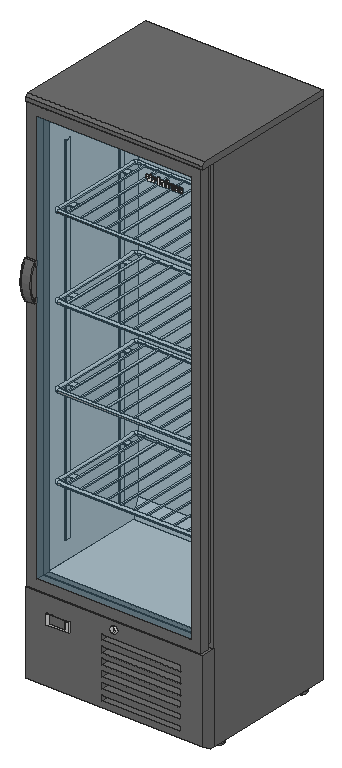
Revit family "QF_INFRICO_ERV53_250807105054", category Specialty Equipment, Revit 2021
Family settings
  Round Connector Dimension = Use Diameter
  Part Type = Normal
  OmniClass Number = 23.40.40.14
  OmniClass Title = Food Service Equipment
  Work Plane-Based = No
  Always vertical = Yes
  Cut with Voids When Loaded = No
  Shared = No
  Room Calculation Point = No
Parameters (values of type "ERV53")
  Weight [instance] = 97.0007 kg
  Warranty Start Date [instance] = ""
  Warranty Duration [instance] = ""
  Volts [instance] = 230 V
  Volt Free Conn [instance] = no
  URL Recommended Spares List [instance] = ""
  URL Manufacturer [instance] = ""
  URL Cutsheet [instance] = ""
  URL Critical Spares List [instance] = ""
  URL = "www.infrico.com"
  Technical Documentation [instance] = ""
  Tag Number [instance] = ""
  Status [instance] = ""
  Start Up Current [instance] = 0 A
  Specification by User [instance] = ""
  Specification by Manufacturer [instance] = ""
  Sound Level [instance] = ""
  Show Logo [instance] = yes
  Show Clearances [instance] = yes
  Service Life Duration [instance] = ""
  Serial Number [instance] = ""
  Seismic Rating [instance] = ""
  SMACNA No [instance] = ""
  Revision Code [instance] = ""
  Revision [instance] = ""
  Production Year [instance] = ""
  Potential Equalisation [instance] = no
  Point Load [instance] = 0
  Phase [instance] = 1
  Other Equipment Approvals [instance] = ""
  Operational Current [instance] = 0 A
  Number of Poles [instance] = 2
  No Load Power Draw [instance] = no
  NAFEM Spec ID Number [instance] = ""
  Model Warning [instance] = ""
  Model = "ERV53"
  Min Ckt Ampacity [instance] = 0 A
  Max Overcurrent Protection [instance] = 0 A
  Masterspec [instance] = ""
  Manufacturer = "INFRICO"
  Main switch integrated [instance] = no
  Length Actual [instance] = 599.948 mm
  Item Number [instance] = ""
  Installed By [instance] = ""
  Installation Date [instance] = ""
  Identify Quantity as Lot [instance] = no
  ID [instance] = ""
  Hygiene Approval [instance] = ""
  Height Actual [instance] = 1819.91 mm
  HP power [instance] = ""
  Furnished By [instance] = ""
  Foodservice Equipment Identifier [instance] = no
  FL Amps [instance] = 0 A
  Electrical Remarks [instance] = ""
  Electric power [instance] = 240 W
  Electric Connection Type [instance] = ""
  Elec Conn RI Height [instance] = 0 mm
  Elec Conn Connection Height [instance] = 0 mm
  ETL Approved [instance] = no
  Description = "GLASS DOOR MERCHANDISER - ONE DOOR - R290"
  Depth Actual [instance] = 510.032 mm
  Default Elevation = 0 mm
  Cycle [instance] = 50 Hz
  Cost = 0
  Connection to energy optimisation system [instance] = yes
  Conn Plug [instance] = ""
  Conn Conduit [instance] = no
  Centralized building control system with digital interface [instance] = ""
  CSI MasterFormat [instance] = ""
  CE Approved [instance] = no
  Barcode [instance] = 0
  Author [instance] = ""
  Asset Identifier [instance] = ""
  Apparent Power [instance] = 240 VA
  Accessory [instance] = no
Reference planes
  plane 1 "Center (Front/Back)": y = 0
  plane 2: z = 0
  plane 3 "Center (Left/Right)": x = 0
Forms (mm)
  Extrusion 1, solid, not visible
    sketch origin (527.026, -4, 285.014) x (1, 0, 0) y (0, 1, 0)
      loop
        line (-2, 2) -> (-2, -2) -> (2, -2) -> (2, 2) -> (-2, 2)
    from -2 to 2
Dimensions and locks
  locked: Extrusion 1 to nested 2
  locked: nested 2 to Extrusion 1 at 2
  aligned and locked: level to plane 2
Nested families
  nested 1: "QF_INFRICO_ERV53_2920" at (0, 0, 0), type "ERV53"
    with Weight 97.0007 kg, Warranty Start Date "", Warranty Duration "", URL Cutsheet "", Technical Documentation "", Tag Number "", Status "", Specification by User "", Specification by Manufacturer "", Sound Level "", Solid Fuel Type "", Show Logo yes, Show Clearances yes, Show Clearance yes, Service Life Duration "", Serial Number "", Seismic Rating "", SMACNA No "", Revision Code "", Revision "", Production Year "", Point Load 0, Other Equipment Approvals "", NAFEM Spec ID Number "", Model Warning "", Masterspec "", Length Actual 599.948 mm, Item Number "", Installed By "", Installation Date "", Identify Quantity as Lot yes, ID "", Hygiene Approval "", Height Actual 1819.91 mm, Furnished By "", Foodservice Equipment Identifier yes, ETL Approved yes, Depth Actual 510.032 mm, CSI MasterFormat "", CE Approved no, Barcode "", Author "", Asset Identifier "", Accessory no
  nested 2: "CONN_POINT_ELE_2D___Generic_Annotation" at (527.026, -2, 285.014), type "CONN_POINT_ELE_2D___Generic_Annotation"
    with Onboard connection annotation symbol visibility yes
Connectors
  electrical at (527.026, -2, 285.014), driven by "Apparent Power", driven by "Number of Poles", driven by "Volts"
    settings: on Extrusion 1, index 1, voltage 230 V, apparent load 0 VA, apparent load phase1 240 VA, apparent load phase2 0 VA, apparent load phase3 0 VA, power factor 1, load classification "Other", number of poles 2, system type 31, power factor state 1, is connector primary yes, connector utility no, sub classification motor no, connector description "Electrical connection for ERV53"
Definition of nested family "QF_INFRICO_ERV53_2920"
  Parameters (values of type "ERV53")
    Weight [instance] = 0.00 kg
    Warranty Start Date [instance] = ""
    Warranty Duration [instance] = ""
    URL Cutsheet [instance] = ""
    URL = "www.infrico.com"
    Technical Documentation [instance] = ""
    Tag Number [instance] = ""
    Status [instance] = ""
    Specification by User [instance] = ""
    Specification by Manufacturer [instance] = ""
    Sound Level [instance] = ""
    Solid Fuel Type [instance] = ""
    Show Logo [instance] = yes
    Show Clearances [instance] = yes
    Show Clearance [instance] = yes
    Service Life Duration [instance] = ""
    Serial Number [instance] = ""
    Seismic Rating [instance] = ""
    SMACNA No [instance] = ""
    Revision Code [instance] = ""
    Revision [instance] = ""
    Production Year [instance] = ""
    Point Load [instance] = 0
    Other Equipment Approvals [instance] = ""
    NAFEM Spec ID Number [instance] = ""
    Model Warning [instance] = ""
    Model = "ERV53"
    Masterspec [instance] = ""
    Manufacturer = "INFRICO"
    Length Actual [instance] = 0 mm
    Item Number [instance] = ""
    Installed By [instance] = ""
    Installation Date [instance] = ""
    Identify Quantity as Lot [instance] = yes
    ID [instance] = ""
    Hygiene Approval [instance] = ""
    Height Actual [instance] = 0 mm
    Furnished By [instance] = ""
    Foodservice Equipment Identifier [instance] = yes
    ETL Approved [instance] = yes
    Description = "GLASS DOOR MERCHANDISER - ONE DOOR - R290"
    Depth Actual [instance] = 0 mm
    Default Elevation = 0 mm
    CSI MasterFormat [instance] = ""
    CE Approved [instance] = yes
    Barcode [instance] = ""
    Author [instance] = ""
    Asset Identifier [instance] = ""
    Assembly Code = "E1090320"
    Accessory [instance] = yes
  Reference planes
    plane 1 "Back": y = 0
    plane 2: z = 0
    plane 3 "Left": x = 0
    plane 4 "Right": x = 600
    plane 5 "Front": y = -510
    plane 6 "Top": z = 1820
  Forms (mm)
    Extrusion 1, solid
      sketch origin (0, 0, -18) x (0, 1, 0) y (0, 0, 1)
        loop
          line (0, 1805) -> (-460, 1805) -> (-460, 30) -> (0, 30) -> (0, 1805)
      from 0 to 30
    Extrusion 2, solid
      sketch origin (0, 0, 887) x (0, 1, 0) y (0, 0, 1)
        loop
          line (0, 900) -> (0, 920) -> (-500, 920) -> (-510, 910) -> (-510, 900) -> (0, 900)
      from 0 to 600
    Extrusion 3, solid
      sketch origin (570, 0, -18) x (0, 1, 0) y (0, 0, 1)
        loop
          line (0, 1805) -> (-460, 1805) -> (-460, 30) -> (0, 30) -> (0, 1805)
      from 0 to 30
    Extrusion 4, solid
      sketch origin (0, 0, 62) x (1, 0, 0) y (0, 0, 1)
        loop
          line (30, 1725) -> (30, 262) -> (570, 262) -> (570, 1725) -> (30, 1725)
      from 0 to 12
    Extrusion 5, solid
      sketch origin (0, 0, -13) x (1, 0, 0) y (0, 0, 1)
        loop
          line (30, 337) -> (30, 25) -> (570, 25) -> (570, 337) -> (30, 337)
      from 0 to 12
    Extrusion 6, solid
      sketch origin (0, 0, -13) x (0, 1, 0) y (0, 0, 1)
        loop
          line (-12, 25) -> (-12, 35) -> (-460, 35) -> (-460, 25) -> (-12, 25)
      from 30 to 570
    Extrusion 7, solid
      sketch origin (0, 0, -112) x (0, 1, 0) y (0, 0, 1)
        loop
          line (-460, 144) -> (-510, 144) -> (-473, 124) -> (-460, 124) -> (-460, 144)
      from 0 to 600
    Extrusion 8, solid
      sketch origin (-902, -515, -301) x (1, 0, 0) y (0, 0, -1)
        loop
          arc (974, -555) -> (1012.5, -557) -> (1051, -555) r 371.563
          arc (1051, -555) -> (1052, -539) -> (1051, -523) r 128.5
          arc (1051, -523) -> (1012.5, -521) -> (974, -523) r 371.563
          arc (974, -523) -> (973, -539) -> (974, -555) r 128.5
      from 0 to 5
    Extrusion 9, solid
      sketch origin (-902, -515.1, -301) x (1, 0, 0) y (0, 0, -1)
        loop
          line (1038, -528.124) -> (987, -528.124) -> (987, -556.124)
          arc (987, -556.124) -> (1012.5, -557) -> (1038, -556.124) r 371.563
          line (1038, -556.124) -> (1038, -528.124)
      from 0 to 2
    Extrusion 10, solid
      sketch origin (0, -480, 215.5) x (1, 0, 0) y (0, 0, 1)
        loop
          line (5, 1569.5) -> (5, 97.5) -> (595, 97.5) -> (595, 1569.5) -> (5, 1569.5)
        loop
          line (563, 1537.5) -> (37, 1537.5) -> (37, 129.5) -> (563, 129.5) -> (563, 1537.5)
      from 0 to 30
    Extrusion 11, solid
      sketch origin (-1000, -460, 215.5) x (1, 0, 0) y (0, 0, 1)
        loop
          line (1015, 1559.5) -> (1015, 107.5) -> (1585, 107.5) -> (1585, 1559.5) -> (1015, 1559.5)
        loop
          line (1037, 1537.5) -> (1037, 129.5) -> (1563, 129.5) -> (1563, 1537.5) -> (1037, 1537.5)
      from 0 to 20
    Extrusion 12, solid, visible <- "Show Logo"
      sketch origin (-753.231, -510, 994.214) x (1, 0, 0) y (0, 0, 1)
        loop
          line (1208.799, 696.53) -> (1208.799, 719.204) -> (1204.173, 719.204) -> (1204.173, 696.53) -> (1208.799, 696.53)
        loop
          line (1214.779, 713.006) -> (1211.283, 713.006) -> (1211.283, 696.53) -> (1215.772, 696.53) -> (1215.772, 707.832)
          arc (1215.772, 707.832) -> (1217.528, 708.741) -> (1219.417, 709.324) r 11.052
          arc (1219.417, 709.324) -> (1220.929, 708.961) -> (1221.598, 707.557) r 1.806
          line (1221.598, 707.557) -> (1221.598, 696.53) -> (1226.121, 696.53) -> (1226.121, 708.689)
          arc (1226.121, 708.689) -> (1224.637, 712.075) -> (1221.141, 713.281) r 4.607
          arc (1221.141, 713.281) -> (1218.282, 712.674) -> (1215.669, 711.361) r 11.435
          line (1215.669, 711.361) -> (1215.601, 712.184)
          arc (1215.601, 712.184) -> (1215.36, 712.765) -> (1214.779, 713.006) r 0.822
        loop
          line (1238.557, 720.102) -> (1237.306, 720.102)
          arc (1237.306, 720.102) -> (1235.052, 719.926) -> (1232.881, 719.297) r 11.103
          arc (1232.881, 719.297) -> (1230.805, 717.616) -> (1230.024, 715.062) r 4.567
          line (1230.024, 715.062) -> (1230.024, 712.909) -> (1227.351, 712.703) -> (1227.351, 709.374) -> (1230.024, 709.374) -> (1230.024, 696.53) -> (1234.547, 696.53) -> (1234.547, 709.374) -> (1238.249, 709.374) -> (1238.249, 712.938) -> (1234.547, 712.938) -> (1234.547, 714.548)
          arc (1234.547, 714.548) -> (1234.956, 715.705) -> (1236.045, 716.271) r 1.67
          line (1236.045, 716.271) -> (1237.7, 716.399)
          arc (1237.7, 716.399) -> (1238.306, 716.65) -> (1238.557, 717.255) r 0.857
          line (1238.557, 717.255) -> (1238.557, 720.102)
        loop
          line (1239.479, 713.006) -> (1239.479, 696.53) -> (1243.968, 696.53) -> (1243.968, 707.352)
          arc (1243.968, 707.352) -> (1245.873, 708.631) -> (1248.077, 709.268) r 7.435
          line (1248.077, 709.268) -> (1249.241, 709.416)
          arc (1249.241, 709.416) -> (1249.643, 709.758) -> (1249.793, 710.265) r 0.928
          line (1249.793, 710.265) -> (1249.793, 712.458)
          arc (1249.793, 712.458) -> (1249.531, 713.061) -> (1248.912, 713.28) r 0.824
          arc (1248.912, 713.28) -> (1246.197, 712.588) -> (1243.899, 710.984) r 7.833
          line (1243.899, 710.984) -> (1243.726, 713.006) -> (1239.479, 713.006)
        loop
          line (1255.495, 696.53) -> (1255.495, 713.006) -> (1251.006, 713.006) -> (1251.006, 696.53) -> (1255.495, 696.53)
        loop
          arc (1257.421, 701.327) -> (1258.567, 698.188) -> (1261.466, 696.525) r 4.873
          arc (1261.466, 696.525) -> (1264.493, 696.266) -> (1267.521, 696.525) r 17.816
          arc (1267.521, 696.525) -> (1270.575, 699.134) -> (1271.505, 703.041) r 6.481
          line (1271.505, 703.041) -> (1267.187, 703.041) -> (1267.187, 701.67)
          arc (1267.187, 701.67) -> (1266.64, 700.452) -> (1265.442, 699.865) r 1.965
          arc (1265.442, 699.865) -> (1264.547, 699.816) -> (1263.653, 699.865) r 8.196
          arc (1263.653, 699.865) -> (1262.417, 700.415) -> (1261.91, 701.67) r 1.806
          line (1261.91, 701.67) -> (1261.91, 707.9)
          arc (1261.91, 707.9) -> (1262.417, 709.155) -> (1263.653, 709.705) r 1.806
          arc (1263.653, 709.705) -> (1264.547, 709.754) -> (1265.442, 709.705) r 8.196
          arc (1265.442, 709.705) -> (1266.64, 709.118) -> (1267.187, 707.9) r 1.965
          line (1267.187, 707.9) -> (1267.187, 706.838) -> (1271.505, 706.838)
          arc (1271.505, 706.838) -> (1270.524, 710.556) -> (1267.521, 712.959) r 6.132
          arc (1267.521, 712.959) -> (1264.493, 713.294) -> (1261.466, 712.959) r 13.851
          arc (1261.466, 712.959) -> (1258.571, 711.349) -> (1257.421, 708.243) r 4.772
          line (1257.421, 708.243) -> (1257.421, 701.327)
        loop
          arc (1272.916, 701.329) -> (1273.993, 698.345) -> (1276.726, 696.734) r 4.676
          arc (1276.726, 696.734) -> (1278.515, 696.455) -> (1280.318, 696.291) r 28.371
          arc (1280.318, 696.291) -> (1282.122, 696.455) -> (1283.911, 696.734) r 28.371
          arc (1283.911, 696.734) -> (1286.644, 698.345) -> (1287.72, 701.329) r 4.676
          line (1287.72, 701.329) -> (1287.72, 708.242)
          arc (1287.72, 708.242) -> (1286.644, 711.226) -> (1283.911, 712.837) r 4.676
          arc (1283.911, 712.837) -> (1282.122, 713.116) -> (1280.318, 713.28) r 28.371
          arc (1280.318, 713.28) -> (1278.515, 713.116) -> (1276.726, 712.837) r 28.371
          arc (1276.726, 712.837) -> (1273.993, 711.226) -> (1272.916, 708.242) r 4.676
          line (1272.916, 708.242) -> (1272.916, 701.329)
        loop
          line (1277.405, 707.866) -> (1277.405, 701.705)
          arc (1277.405, 701.705) -> (1277.844, 700.556) -> (1278.936, 699.991) r 1.725
          arc (1278.936, 699.991) -> (1279.627, 699.918) -> (1280.318, 699.856) r 46.133
          arc (1280.318, 699.856) -> (1281.01, 699.918) -> (1281.701, 699.991) r 46.133
          arc (1281.701, 699.991) -> (1282.793, 700.556) -> (1283.231, 701.705) r 1.725
          line (1283.231, 701.705) -> (1283.231, 707.866)
          arc (1283.231, 707.866) -> (1282.793, 709.015) -> (1281.701, 709.58) r 1.725
          arc (1281.701, 709.58) -> (1281.01, 709.653) -> (1280.318, 709.716) r 46.133
          arc (1280.318, 709.716) -> (1279.627, 709.653) -> (1278.936, 709.58) r 46.133
          arc (1278.936, 709.58) -> (1277.844, 709.015) -> (1277.405, 707.866) r 1.725
        loop
          arc (1190.339, 696.543) -> (1191.411, 696.987) -> (1191.856, 698.059) r 1.516
          line (1191.856, 698.059) -> (1191.856, 703.891) -> (1196.035, 703.891)
          arc (1196.035, 703.891) -> (1196.79, 704.121) -> (1197.218, 704.782) r 1.147
          line (1197.218, 704.782) -> (1197.218, 706.211)
          arc (1197.218, 706.211) -> (1196.787, 707.258) -> (1195.719, 707.634) r 1.385
          line (1195.719, 707.634) -> (1194.52, 707.634) -> (1197.218, 710.332)
          arc (1197.218, 710.332) -> (1197.605, 711.266) -> (1197.218, 712.2) r 1.321
          line (1197.218, 712.2) -> (1196.495, 712.923)
          arc (1196.495, 712.923) -> (1195.54, 713.338) -> (1194.558, 712.991) r 1.422
          line (1194.558, 712.991) -> (1191.853, 710.286) -> (1191.853, 711.479)
          arc (1191.853, 711.479) -> (1191.443, 712.516) -> (1190.435, 712.992) r 1.516
          line (1190.435, 712.992) -> (1189.514, 712.992)
          arc (1189.514, 712.992) -> (1188.511, 712.514) -> (1188.103, 711.479) r 1.516
          line (1188.103, 711.479) -> (1188.103, 706.83) -> (1182.073, 701.336) -> (1182.073, 707.509) -> (1185.639, 711.075)
          arc (1185.639, 711.075) -> (1186.053, 712.073) -> (1185.639, 713.071) r 1.412
          line (1185.639, 713.071) -> (1184.987, 713.723)
          arc (1184.987, 713.723) -> (1183.939, 714.141) -> (1182.915, 713.667) r 1.428
          line (1182.915, 713.667) -> (1182.073, 712.825) -> (1182.073, 717.784)
          arc (1182.073, 717.784) -> (1181.658, 718.787) -> (1180.655, 719.203) r 1.418
          line (1180.655, 719.203) -> (1179.726, 719.203)
          arc (1179.726, 719.203) -> (1178.723, 718.787) -> (1178.308, 717.784) r 1.418
          line (1178.308, 717.784) -> (1178.308, 712.825) -> (1177.466, 713.667)
          arc (1177.466, 713.667) -> (1176.442, 714.141) -> (1175.394, 713.723) r 1.428
          line (1175.394, 713.723) -> (1174.742, 713.071)
          arc (1174.742, 713.071) -> (1174.328, 712.073) -> (1174.742, 711.075) r 1.412
          line (1174.742, 711.075) -> (1178.308, 707.509) -> (1178.308, 701.336) -> (1172.278, 706.83) -> (1172.278, 711.479)
          arc (1172.278, 711.479) -> (1171.87, 712.514) -> (1170.867, 712.992) r 1.516
          line (1170.867, 712.992) -> (1169.946, 712.992)
          arc (1169.946, 712.992) -> (1168.938, 712.516) -> (1168.528, 711.479) r 1.516
          line (1168.528, 711.479) -> (1168.528, 710.286) -> (1165.823, 712.991)
          arc (1165.823, 712.991) -> (1164.841, 713.338) -> (1163.886, 712.923) r 1.422
          line (1163.886, 712.923) -> (1163.163, 712.2)
          arc (1163.163, 712.2) -> (1162.776, 711.266) -> (1163.163, 710.332) r 1.321
          line (1163.163, 710.332) -> (1165.861, 707.634) -> (1164.662, 707.634)
          arc (1164.662, 707.634) -> (1163.594, 707.258) -> (1163.163, 706.211) r 1.385
          line (1163.163, 706.211) -> (1163.163, 704.782)
          arc (1163.163, 704.782) -> (1163.591, 704.121) -> (1164.346, 703.891) r 1.147
          line (1164.346, 703.891) -> (1168.525, 703.891) -> (1168.525, 698.059)
          arc (1168.525, 698.059) -> (1168.969, 696.987) -> (1170.042, 696.543) r 1.516
          line (1170.042, 696.543) -> (1190.339, 696.543)
      from 0 to 2
    Extrusion 13, solid
      sketch origin (-1000, -510, 416.5) x (1, 0, 0) y (0, 0, 1)
        loop
          line (1005, 897.5) -> (1005, 895.5) -> (1037, 880.5) -> (1037, 897.5) -> (1005, 897.5)
      from 0 to 3
    Extrusion 14, solid
      sketch origin (-1000, -510, 2081.5) x (1, 0, 0) y (0, 0, 1)
        loop
          line (1005, -897.5) -> (1037, -897.5) -> (1037, -880.5) -> (1005, -895.5) -> (1005, -897.5)
      from 0 to 3
    Extrusion 15, solid
      sketch origin (-1000, 0, 466.5) x (0, 1, 0) y (0, 0, 1)
        loop
          line (-513, 845.5) -> (-513, 847.5) -> (-518.104, 847.5)
          arc (-518.104, 847.5) -> (-537.038, 782.5) -> (-518.104, 717.5) r 121.038
          line (-518.104, 717.5) -> (-513, 717.5) -> (-513, 719.5) -> (-517, 719.5)
          arc (-517, 719.5) -> (-535.038, 782.5) -> (-517, 845.5) r 119.038
          line (-517, 845.5) -> (-513, 845.5)
      from 1005 to 1037
    Extrusion 16, solid
      sketch origin (-1000, 0, 1064) x (1, 0, 0) y (0, 1, 0)
        loop
          line (1005, -513) -> (1005, -487) -> (1002, -490) -> (1002, -513) -> (1005, -513)
      from 120 to 250
    Extrusion 17, solid
      sketch origin (-1000, 0, 466.5) x (0, 1, 0) y (0, 0, 1)
        loop
          line (-513, 847.5) -> (-518.104, 847.5)
          arc (-518.104, 847.5) -> (-537.038, 782.5) -> (-518.104, 717.5) r 121.038
          line (-518.104, 717.5) -> (-513, 717.5) -> (-513, 847.5)
      from 1002 to 1005
    Revolve 18, solid
      sketch origin (15, -70, 0) x (0, 1, 0) y (0, 0, 1)
        loop
          line (0, 0) -> (0, 12) -> (-5, 12) -> (-5, 9.5) -> (-13, 9.5)
          arc (-13, 9.5) -> (-14.414, 8.914) -> (-15, 7.5) r 2
          line (-15, 7.5) -> (-15, 2.5) -> (-12, 2.5) -> (-12, 0) -> (0, 0)
        axis (0, 0) -> (0, 12)
      angle from 0 to 360
    Revolve 19, solid
      sketch origin (15, -420, 0) x (0, 1, 0) y (0, 0, 1)
        loop
          line (0, 0) -> (0, 12) -> (-5, 12) -> (-5, 9.5) -> (-13, 9.5)
          arc (-13, 9.5) -> (-14.414, 8.914) -> (-15, 7.5) r 2
          line (-15, 7.5) -> (-15, 2.5) -> (-12, 2.5) -> (-12, 0) -> (0, 0)
        axis (0, 0) -> (0, 12)
      angle from 0 to 360
    Revolve 20, solid
      sketch origin (585, -70, 0) x (0, 1, 0) y (0, 0, 1)
        loop
          line (0, 0) -> (0, 12) -> (-5, 12) -> (-5, 9.5) -> (-13, 9.5)
          arc (-13, 9.5) -> (-14.414, 8.914) -> (-15, 7.5) r 2
          line (-15, 7.5) -> (-15, 2.5) -> (-12, 2.5) -> (-12, 0) -> (0, 0)
        axis (0, 0) -> (0, 12)
      angle from 0 to 360
    Revolve 21, solid
      sketch origin (585, -420, 0) x (0, 1, 0) y (0, 0, 1)
        loop
          line (0, 0) -> (0, 12) -> (-5, 12) -> (-5, 9.5) -> (-13, 9.5)
          arc (-13, 9.5) -> (-14.414, 8.914) -> (-15, 7.5) r 2
          line (-15, 7.5) -> (-15, 2.5) -> (-12, 2.5) -> (-12, 0) -> (0, 0)
        axis (0, 0) -> (0, 12)
      angle from 0 to 360
    Revolve 22, solid
      sketch origin (300, 0, 240.5) x (0, 1, 0) y (0, 0, 1)
        loop
          line (-515, 34.5) -> (-510, 32) -> (-510, 43.5) -> (-515, 43.5) -> (-515, 34.5)
        axis (-510, 43.5) -> (-515, 43.5)
      angle from 0 to 360
    Extrusion 23, solid
      sketch origin (0, 0, -815) x (0, 1, 0) y (0, 0, 1)
        loop
          line (-460, 1157.5) -> (-460, 1145.5) -> (-81, 1145.5) -> (-81, 1174.667) -> (-61, 1214.667) -> (-61, 2394.333) -> (-81, 2434.333) -> (-81, 2593.5) -> (-458, 2593.5) -> (-458, 2581.5) -> (-93, 2581.5) -> (-93, 2431.5) -> (-73, 2391.5) -> (-73, 1217.5) -> (-93, 1177.5) -> (-93, 1157.5) -> (-460, 1157.5)
      from 30 to 570
    Extrusion 24, solid, visible <- "Show Clearance", detail levels coarse
      sketch origin (600, 0, 228.5) x (-1, 0, 0) y (0, -1, 0)
        loop
          line (5, 510) -> (595, 510)
          arc (595, 510) -> (430.98, 905.98) -> (35, 1070) r 560
          line (35, 1070) -> (5, 1070) -> (5, 510)
      from 84.5 to 1556.5
    Extrusion 25, solid
      sketch origin (-1000, -508, 228.5) x (1, 0, 0) y (0, 0, 1)
        loop
          line (1037, 1524.5) -> (1037, 116.5) -> (1563, 116.5) -> (1563, 1524.5) -> (1037, 1524.5)
      from 0 to 2
    Extrusion 26, solid
      sketch origin (-925.627, -156, 407.5) x (1, 0, 0) y (0, 1, 0)
        loop
          line (957.627, 0) -> (958.627, 0) -> (958.627, 1) -> (962.627, 3) -> (962.627, 18) -> (958.627, 20) -> (958.627, 21) -> (957.627, 21) -> (957.627, 19.382) -> (961.627, 17.382) -> (961.627, 3.618) -> (957.627, 1.618) -> (957.627, 0)
      from 0 to 1218
    Extrusion 27, solid
      sketch origin (-829.627, -156, 603.5) x (1, 0, 0) y (0, 1, 0)
        loop
          line (862.627, 21) -> (862.627, 20) -> (866.627, 18) -> (866.627, 3) -> (862.627, 1) -> (862.627, 0) -> (892.627, 0) -> (892.627, 21) -> (862.627, 21)
      from 0 to 2
    Extrusion 28, solid
      sketch origin (-925.627, -386, 407.5) x (1, 0, 0) y (0, 1, 0)
        loop
          line (957.627, 0) -> (958.627, 0) -> (958.627, 1) -> (962.627, 3) -> (962.627, 18) -> (958.627, 20) -> (958.627, 21) -> (957.627, 21) -> (957.627, 19.382) -> (961.627, 17.382) -> (961.627, 3.618) -> (957.627, 1.618) -> (957.627, 0)
      from 0 to 1218
    Extrusion 29, solid
      sketch origin (-829.627, -386, 603.5) x (1, 0, 0) y (0, 1, 0)
        loop
          line (862.627, 21) -> (862.627, 20) -> (866.627, 18) -> (866.627, 3) -> (862.627, 1) -> (862.627, 0) -> (892.627, 0) -> (892.627, 21) -> (862.627, 21)
      from 0 to 2
    Extrusion 30, solid
      sketch origin (1525.627, -156, 407.5) x (-1, 0, 0) y (0, -1, 0)
        loop
          line (957.627, 0) -> (957.627, -1.618) -> (961.627, -3.618) -> (961.627, -17.382) -> (957.627, -19.382) -> (957.627, -21) -> (958.627, -21) -> (958.627, -20) -> (962.627, -18) -> (962.627, -3) -> (958.627, -1) -> (958.627, 0) -> (957.627, 0)
      from 0 to 1218
    Extrusion 31, solid
      sketch origin (1429.627, -156, 603.5) x (-1, 0, 0) y (0, -1, 0)
        loop
          line (862.627, -21) -> (892.627, -21) -> (892.627, 0) -> (862.627, 0) -> (862.627, -1) -> (866.627, -3) -> (866.627, -18) -> (862.627, -20) -> (862.627, -21)
      from 0 to 2
    Extrusion 32, solid
      sketch origin (1525.627, -386, 407.5) x (-1, 0, 0) y (0, -1, 0)
        loop
          line (957.627, 0) -> (957.627, -1.618) -> (961.627, -3.618) -> (961.627, -17.382) -> (957.627, -19.382) -> (957.627, -21) -> (958.627, -21) -> (958.627, -20) -> (962.627, -18) -> (962.627, -3) -> (958.627, -1) -> (958.627, 0) -> (957.627, 0)
      from 0 to 1218
    Extrusion 33, solid
      sketch origin (1429.627, -386, 603.5) x (-1, 0, 0) y (0, -1, 0)
        loop
          line (862.627, -21) -> (892.627, -21) -> (892.627, 0) -> (862.627, 0) -> (862.627, -1) -> (866.627, -3) -> (866.627, -18) -> (862.627, -20) -> (862.627, -21)
      from 0 to 2
    Extrusion 34, solid
      sketch origin (0, 0, 226) x (0, 1, 0) y (0, 0, 1)
        loop
          line (-460, 104.5) -> (-460, 82) -> (-458, 82) -> (-458, 104.5) -> (-460, 104.5)
      from 30 to 570
    Extrusion 35, solid
      sketch origin (0, 0, 1682.5) x (0, 1, 0) y (0, 0, 1)
        loop
          line (-460, 104.5) -> (-460, 70.5) -> (-458, 70.5) -> (-458, 104.5) -> (-460, 104.5)
      from 30 to 570
    Extrusion 36, solid
      sketch origin (-829.627, -156, 883.5) x (1, 0, 0) y (0, 1, 0)
        loop
          line (862.627, 21) -> (862.627, 20) -> (866.627, 18) -> (866.627, 3) -> (862.627, 1) -> (862.627, 0) -> (892.627, 0) -> (892.627, 21) -> (862.627, 21)
      from 0 to 2
    Extrusion 37, solid
      sketch origin (-829.627, -386, 883.5) x (1, 0, 0) y (0, 1, 0)
        loop
          line (862.627, 21) -> (862.627, 20) -> (866.627, 18) -> (866.627, 3) -> (862.627, 1) -> (862.627, 0) -> (892.627, 0) -> (892.627, 21) -> (862.627, 21)
      from 0 to 2
    Extrusion 38, solid
      sketch origin (1429.627, -156, 883.5) x (-1, 0, 0) y (0, -1, 0)
        loop
          line (862.627, -21) -> (892.627, -21) -> (892.627, 0) -> (862.627, 0) -> (862.627, -1) -> (866.627, -3) -> (866.627, -18) -> (862.627, -20) -> (862.627, -21)
      from 0 to 2
    Extrusion 39, solid
      sketch origin (1429.627, -386, 883.5) x (-1, 0, 0) y (0, -1, 0)
        loop
          line (862.627, -21) -> (892.627, -21) -> (892.627, 0) -> (862.627, 0) -> (862.627, -1) -> (866.627, -3) -> (866.627, -18) -> (862.627, -20) -> (862.627, -21)
      from 0 to 2
    Extrusion 40, solid
      sketch origin (-829.627, -156, 1153.5) x (1, 0, 0) y (0, 1, 0)
        loop
          line (862.627, 21) -> (862.627, 20) -> (866.627, 18) -> (866.627, 3) -> (862.627, 1) -> (862.627, 0) -> (892.627, 0) -> (892.627, 21) -> (862.627, 21)
      from 0 to 2
    Extrusion 41, solid
      sketch origin (-829.627, -386, 1153.5) x (1, 0, 0) y (0, 1, 0)
        loop
          line (862.627, 21) -> (862.627, 20) -> (866.627, 18) -> (866.627, 3) -> (862.627, 1) -> (862.627, 0) -> (892.627, 0) -> (892.627, 21) -> (862.627, 21)
      from 0 to 2
    Extrusion 42, solid
      sketch origin (1429.627, -156, 1153.5) x (-1, 0, 0) y (0, -1, 0)
        loop
          line (862.627, -21) -> (892.627, -21) -> (892.627, 0) -> (862.627, 0) -> (862.627, -1) -> (866.627, -3) -> (866.627, -18) -> (862.627, -20) -> (862.627, -21)
      from 0 to 2
    Extrusion 43, solid
      sketch origin (1429.627, -386, 1153.5) x (-1, 0, 0) y (0, -1, 0)
        loop
          line (862.627, -21) -> (892.627, -21) -> (892.627, 0) -> (862.627, 0) -> (862.627, -1) -> (866.627, -3) -> (866.627, -18) -> (862.627, -20) -> (862.627, -21)
      from 0 to 2
    Extrusion 44, solid
      sketch origin (-829.627, -156, 1428.5) x (1, 0, 0) y (0, 1, 0)
        loop
          line (862.627, 21) -> (862.627, 20) -> (866.627, 18) -> (866.627, 3) -> (862.627, 1) -> (862.627, 0) -> (892.627, 0) -> (892.627, 21) -> (862.627, 21)
      from 0 to 2
    Extrusion 45, solid
      sketch origin (-829.627, -386, 1428.5) x (1, 0, 0) y (0, 1, 0)
        loop
          line (862.627, 21) -> (862.627, 20) -> (866.627, 18) -> (866.627, 3) -> (862.627, 1) -> (862.627, 0) -> (892.627, 0) -> (892.627, 21) -> (862.627, 21)
      from 0 to 2
    Extrusion 46, solid
      sketch origin (1429.627, -156, 1428.5) x (-1, 0, 0) y (0, -1, 0)
        loop
          line (862.627, -21) -> (892.627, -21) -> (892.627, 0) -> (862.627, 0) -> (862.627, -1) -> (866.627, -3) -> (866.627, -18) -> (862.627, -20) -> (862.627, -21)
      from 0 to 2
    Extrusion 47, solid
      sketch origin (1429.627, -386, 1428.5) x (-1, 0, 0) y (0, -1, 0)
        loop
          line (862.627, -21) -> (892.627, -21) -> (892.627, 0) -> (862.627, 0) -> (862.627, -1) -> (866.627, -3) -> (866.627, -18) -> (862.627, -20) -> (862.627, -21)
      from 0 to 2
    Extrusion 48, solid
      sketch origin (-1000, 0, 0) x (1, 0, 0) y (0, 0, 1)
        loop
          line (1000, 308) -> (1000, 32) -> (1600, 32) -> (1600, 308) -> (1000, 308)
        loop
          line (1258, 257) -> (1258, 237) -> (1528, 237) -> (1528, 257) -> (1258, 257)
        loop
          line (1258, 220) -> (1258, 200) -> (1528, 200) -> (1528, 220) -> (1258, 220)
        loop
          line (1258, 183) -> (1258, 163) -> (1528, 163) -> (1528, 183) -> (1258, 183)
        loop
          line (1258, 146) -> (1258, 126) -> (1528, 126) -> (1528, 146) -> (1258, 146)
        loop
          line (1258, 109) -> (1258, 89) -> (1528, 89) -> (1528, 109) -> (1258, 109)
        loop
          line (1258, 72) -> (1258, 52) -> (1528, 52) -> (1528, 72) -> (1258, 72)
      from 460 to 510
    Extrusion 49, solid
      sketch origin (-1000, 0, 2.5) x (1, 0, 0) y (0, 0, 1)
        loop
          circle (1345, 1433) r 2.5
        loop
          circle (1390, 1433) r 2.5
        loop
          circle (1435, 1433) r 2.5
        loop
          circle (1480, 1433) r 2.5
        loop
          circle (1525, 1433) r 2.5
        loop
          circle (1075, 1433) r 2.5
        loop
          circle (1120, 1433) r 2.5
        loop
          circle (1165, 1433) r 2.5
        loop
          circle (1210, 1433) r 2.5
        loop
          circle (1255, 1433) r 2.5
        loop
          circle (1300, 1433) r 2.5
      from 100 to 430
    Sweep 50, solid
      path origin (-1000, 0, 1435.5) x (1, 0, 0) y (0, 1, 0)
        loop
          arc (1052, -95) -> (1044.929, -97.929) -> (1042, -105) r 10
          line (1042, -105) -> (1042, -425)
          arc (1042, -425) -> (1044.929, -432.071) -> (1052, -435) r 10
          line (1052, -435) -> (1548, -435)
          arc (1548, -435) -> (1555.071, -432.071) -> (1558, -425) r 10
          line (1558, -425) -> (1558, -105)
          arc (1558, -105) -> (1555.071, -97.929) -> (1548, -95) r 10
          line (1548, -95) -> (1052, -95)
      profile origin (300, -95, 1435.5) x (0, 1, 0) y (0, 0, 1)
        loop
          circle (0, 0) r 5
    Extrusion 51, solid
      sketch origin (-1000, 0, -272.5) x (1, 0, 0) y (0, 0, 1)
        loop
          circle (1345, 1433) r 2.5
        loop
          circle (1390, 1433) r 2.5
        loop
          circle (1435, 1433) r 2.5
        loop
          circle (1480, 1433) r 2.5
        loop
          circle (1525, 1433) r 2.5
        loop
          circle (1075, 1433) r 2.5
        loop
          circle (1120, 1433) r 2.5
        loop
          circle (1165, 1433) r 2.5
        loop
          circle (1210, 1433) r 2.5
        loop
          circle (1255, 1433) r 2.5
        loop
          circle (1300, 1433) r 2.5
      from 100 to 430
    Sweep 52, solid
      path origin (-1000, 0, 1160.5) x (1, 0, 0) y (0, 1, 0)
        loop
          arc (1052, -95) -> (1044.929, -97.929) -> (1042, -105) r 10
          line (1042, -105) -> (1042, -425)
          arc (1042, -425) -> (1044.929, -432.071) -> (1052, -435) r 10
          line (1052, -435) -> (1548, -435)
          arc (1548, -435) -> (1555.071, -432.071) -> (1558, -425) r 10
          line (1558, -425) -> (1558, -105)
          arc (1558, -105) -> (1555.071, -97.929) -> (1548, -95) r 10
          line (1548, -95) -> (1052, -95)
      profile origin (300, -95, 1160.5) x (0, 1, 0) y (0, 0, 1)
        loop
          circle (0, 0) r 5
    Extrusion 53, solid
      sketch origin (-1000, 0, -542.5) x (1, 0, 0) y (0, 0, 1)
        loop
          circle (1345, 1433) r 2.5
        loop
          circle (1390, 1433) r 2.5
        loop
          circle (1435, 1433) r 2.5
        loop
          circle (1480, 1433) r 2.5
        loop
          circle (1525, 1433) r 2.5
        loop
          circle (1075, 1433) r 2.5
        loop
          circle (1120, 1433) r 2.5
        loop
          circle (1165, 1433) r 2.5
        loop
          circle (1210, 1433) r 2.5
        loop
          circle (1255, 1433) r 2.5
        loop
          circle (1300, 1433) r 2.5
      from 100 to 430
    Sweep 54, solid
      path origin (-1000, 0, 890.5) x (1, 0, 0) y (0, 1, 0)
        loop
          arc (1052, -95) -> (1044.929, -97.929) -> (1042, -105) r 10
          line (1042, -105) -> (1042, -425)
          arc (1042, -425) -> (1044.929, -432.071) -> (1052, -435) r 10
          line (1052, -435) -> (1548, -435)
          arc (1548, -435) -> (1555.071, -432.071) -> (1558, -425) r 10
          line (1558, -425) -> (1558, -105)
          arc (1558, -105) -> (1555.071, -97.929) -> (1548, -95) r 10
          line (1548, -95) -> (1052, -95)
      profile origin (300, -95, 890.5) x (0, 1, 0) y (0, 0, 1)
        loop
          circle (0, 0) r 5
    Extrusion 55, solid
      sketch origin (-1000, 0, -822.5) x (1, 0, 0) y (0, 0, 1)
        loop
          circle (1345, 1433) r 2.5
        loop
          circle (1390, 1433) r 2.5
        loop
          circle (1435, 1433) r 2.5
        loop
          circle (1480, 1433) r 2.5
        loop
          circle (1525, 1433) r 2.5
        loop
          circle (1075, 1433) r 2.5
        loop
          circle (1120, 1433) r 2.5
        loop
          circle (1165, 1433) r 2.5
        loop
          circle (1210, 1433) r 2.5
        loop
          circle (1255, 1433) r 2.5
        loop
          circle (1300, 1433) r 2.5
      from 100 to 430
    Sweep 56, solid
      path origin (-1000, 0, 610.5) x (1, 0, 0) y (0, 1, 0)
        loop
          arc (1052, -95) -> (1044.929, -97.929) -> (1042, -105) r 10
          line (1042, -105) -> (1042, -425)
          arc (1042, -425) -> (1044.929, -432.071) -> (1052, -435) r 10
          line (1052, -435) -> (1548, -435)
          arc (1548, -435) -> (1555.071, -432.071) -> (1558, -425) r 10
          line (1558, -425) -> (1558, -105)
          arc (1558, -105) -> (1555.071, -97.929) -> (1548, -95) r 10
          line (1548, -95) -> (1052, -95)
      profile origin (300, -95, 610.5) x (0, 1, 0) y (0, 0, 1)
        loop
          circle (0, 0) r 5
    Extrusion 57, solid
      sketch origin (0, 1000, 0) x (0, 1, 0) y (0, 0, 1)
        loop
          line (-1460, 1766.5) -> (-1460, 342.5) -> (-1093, 342.5) -> (-1093, 362.5) -> (-1073, 402.5) -> (-1073, 1576.5) -> (-1093, 1616.5) -> (-1093, 1766.5) -> (-1460, 1766.5)
      from 30 to 32
    Extrusion 58, solid
      sketch origin (538, 1000, 0) x (0, 1, 0) y (0, 0, 1)
        loop
          line (-1460, 1766.5) -> (-1460, 342.5) -> (-1093, 342.5) -> (-1093, 362.5) -> (-1073, 402.5) -> (-1073, 1576.5) -> (-1093, 1616.5) -> (-1093, 1766.5) -> (-1460, 1766.5)
      from 30 to 32
  Cuts and joins
    joined: Extrusion 13, Extrusion 14, Extrusion 15, Extrusion 16, Extrusion 17
    joined: Extrusion 1, Extrusion 3, Extrusion 34, Extrusion 35
    joined: Extrusion 7, Extrusion 48
  Lines and regions (mm)
    symbolic lines
      curve 1: line (0, 0, 0) -> (600, 0, 0)
      curve 2: line (0, -510, 0) -> (0, 0, 0)
      curve 3: line (600, -510, 0) -> (0, -510, 0)
      curve 4: line (600, 0, 0) -> (600, -510, 0)
      curve 5: line (0, -500, 0) -> (600, -500, 0)
    symbolic lines, visible <- "Show Clearance"
      curve 6: arc (5, -510, 0) -> (169.02, -905.98, 0) -> (565, -1070, 0) r 560
      curve 7: line (565, -1070, 0) -> (595, -1070, 0)
      curve 8: line (595, -1070, 0) -> (595, -510, 0)
  Dimensions and locks
    plane 1 "Back" to plane 5 "Front" = 510 mm  (x2)
    plane 3 "Left" to plane 4 "Right" = 600 mm
    plane 6 "Top" to level = 1820 mm  (x2)
    plane 4 "Right" to plane 3 "Left" = 600 mm
    aligned and locked: level to plane 2
Definition of nested family "CONN_POINT_ELE_2D___Generic_Annotation"
  Parameters (values of type "CONN_POINT_ELE_2D___Generic_Annotation")
    Onboard connection annotation symbol visibility [instance] = yes
  Reference planes
    plane 1: y = 0
    plane 2: x = 0
  Lines and regions (mm)
    detail lines, visible <- "Onboard connection annotation symbol visibility"
      curve 1: circle (0, 0, 0) r 0.5 normal (0, 0, 1)
      curve 2: line (-1, 0, 0) -> (1, 0, 0)
      curve 3: line (0, 1, 0) -> (0, -1, 0)
      curve 4: line (2.5, 1, 0) -> (1.25, 1, 0)
      curve 5: line (1.25, 1, 0) -> (1.25, -1, 0)
      curve 6: line (1.25, -1, 0) -> (2.5, -1, 0)
      curve 7: line (1.25, 0, 0) -> (2, 0, 0)
